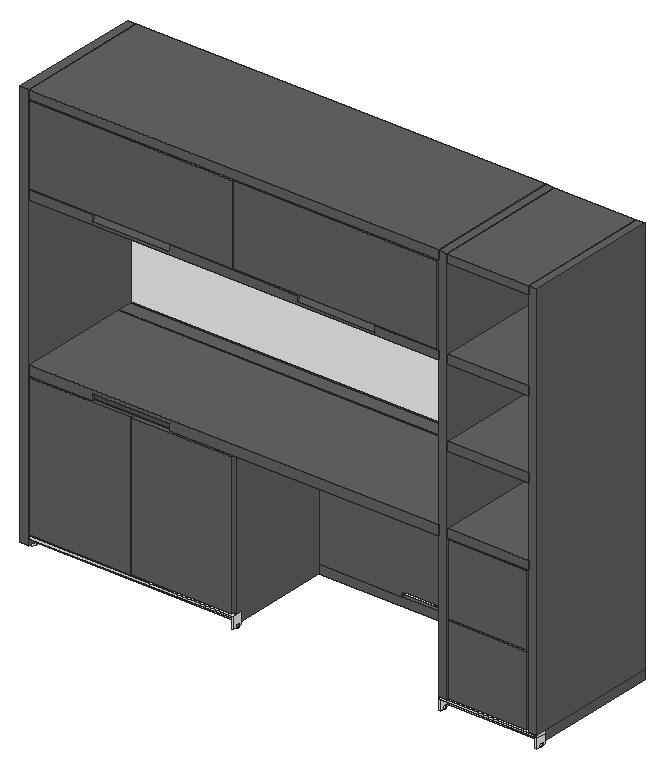
Revit family "Storage-Wall-Teknion-ZXRL_74_High_With_Lights-R2011", category Furniture Systems, Revit 2013
Parameters (values of type "(See Type Catalog)")
  Working Wall Finish [instance] = Glass - Teknion - K6 - White Backpainted
  Width = 92.642"
  Warranty = "http://www.teknionstudio.com/pdfs/Teknion%20Studio%20Warranty.pdf"
  Wall Unit Finish [instance] = Veneer - Teknion - P7 - Grey Oak
  Voltage = 120 V
  Unit Weight = 685.00 lbf
  URL = "www.teknionstudio.com"
  Tabletop Cutout Offset = if(Has Double Doors, 0", 4")  # 0"
  Storage Tower = Storage-Unit-Teknion-Tower : Upper Shelves & File/File Pedestal
  Series = "B&B Italia"
  Product Page URL = "http://www.teknionstudio.com/acexecutive/"
  Product Line = "AC Executive"
  Product Documentation Link = "http://www.teknionstudio.com/pricing/ac_executive_storage_walls_ppg.pdf"
  Power Factor = 1
  Part Number = "ZXRL"
  Number of Poles = 1
  Model = ""
  Manufacturer Phone = "919-464-2920"
  Manufacturer Fax = "919-464-2927"
  Manufacturer Email = "customersupport@teknionstudio.com"
  Manufacturer Address = "3940 US 70 Business HWY West, Clayton, NC 27520"
  Manufacturer = "Teknion Studio"  # constant formula
  Low Emitting Material = yes
  Low Emitting Finish = yes
  Height = 73.81394"
  Has File File Drawers = not(Has Double Doors)  # no
  Has Double Doors = yes
  Description = ""
  Depth = 24"
  Assembly Code = "E2020200"
  Apparent Load = 22.8 VA
Reference planes (in)
  plane 1 "Center F/B": y = 0
  plane 2: z = 0
  plane 3 "Center L/R": x = 0
  plane 4 "Left": x = -46.321
  plane 5 "Right": x = 46.321
  plane 6 "Back": y = 12
  plane 7 "Front": y = -12
  plane 8 "Top": z = 73.81394
  plane 9: x = 28.60446
  plane 10: z = 29.68402
  plane 11: z = 56.1289
  plane 12: x = -44.7815
  plane 13: z = 2.1289
  plane 14: x = -8.08858
  plane 15 "Foot Centerline": y = -11.2126
  plane 16 "Tabletop Cutout": y = -12
  plane 17 "Foot Centerline Front": y = -10.22835
  plane 18 "Foot Centerline Back": y = 10.22835
  plane 19: y = -8.484
Forms (in)
  Sweep 1, solid, material "Veneer - Teknion - P7 - Grey Oak" <- "Wall Unit Finish"
    path origin (0, 0, 15.40683) x (-1, 0, 0) y (0, -1, 0)
      loop
        line (0, -12) -> (0, 12)
    profile origin (0, 0, 15.40683) x (1, 0, 0) y (0, 0, 1)
      loop
        line (-46.321, -14.81732) -> (-44.7815, -14.81732) -> (-44.7815, 58.4071) -> (-46.321, 58.4071) -> (-46.321, -14.81732)
  Sweep 2, solid, material "Metal - Teknion - C6 - Chrome"
    path origin (0, 0, 0) x (1, 0, 0) y (0, 0, 1)
      loop
        line (-44.7815, 2.1289) -> (-8.08858, 2.1289) -> (-8.08858, 0.05803)
    profile origin (-26.43504, 0, 2.1289) x (0, 0, 1) y (0, -1, 0)
      loop
        line (0, 12) -> (-0.394, 12) -> (-0.394, 10.4252) -> (0, 10.4252) -> (0, 12)
  Sweep 3, solid, material "Metal - Teknion - C6 - Chrome"
    path origin (0, 0, 0) x (1, 0, 0) y (0, 0, 1)
      loop
        line (-44.7815, 2.1289) -> (-8.08858, 2.1289)
    profile origin (-26.43504, 0, 2.1289) x (0, 0, 1) y (0, -1, 0)
      loop
        line (-0.394, 10.6222) -> (-1.5748, 10.6222) -> (-1.5748, 10.4252) -> (-0.394, 10.4252) -> (-0.394, 10.6222)
  Revolve 4, solid, material "Metal - Teknion - C6 - Chrome"
    sketch origin (0, -11.2126, 0) x (0, 0, -1) y (1, 0, 0)
      loop
        line (-0.4911, -8.28543) -> (-0.4911, -8.62008) -> (-0.45173, -8.65945) -> (-0.28492, -8.65945) -> (-0.24555, -8.62008) -> (-0.20618, -8.65945) -> (-0.03937, -8.65945) -> (0, -8.62008) -> (0, -8.28543) -> (-0.4911, -8.28543)
      axis (0, -8.28543) -> (-0.4911, -8.28543)
    angle from 0 to 360
  Sweep 5, solid, material "Veneer - Teknion - P7 - Grey Oak" <- "Wall Unit Finish"
    path origin (0, 0, 0) x (1, 0, 0) y (0, 0, 1)
      loop
        line (-44.7815, 29.68402) -> (28.60446, 29.68402)
    profile origin (-8.08852, 0, 29.68402) x (0, 0, 1) y (0, -1, 0)
      loop
        line (0, 12) -> (-1.7638, 12) -> (-1.7638, -7.11393) -> (-5.30827, -7.11393) -> (-5.30827, -7.08268) -> (-27.55512, -7.08268) -> (-27.55512, -7.11393) -> (-29.0945, -7.11393) -> (-29.0945, -7.80668) -> (-5.30828, -7.80668) -> (-5.30828, -12) -> (44.12992, -12) -> (44.12992, 12) -> (42.59022, 12) -> (42.59022, 11.2126) -> (27.98392, 11.2126) -> (27.98392, 12) -> (26.44488, 12) -> (26.44488, -10.94094) -> (0, -10.94094) -> (0, -10.90969) -> (-0.72441, -10.90969) -> (-0.72441, -10.56693) -> (0, -10.56693) -> (0, -8.05709) -> (-0.72441, -8.05709) -> (-0.72441, -7.80709) -> (0, -7.80709) -> (0, 12)
  Sweep 6, solid, material "Veneer - Teknion - P7 - Grey Oak" <- "Wall Unit Finish"
    path origin (0, 0, 0) x (1, 0, 0) y (0, 0, 1)
      loop
        line (-44.7815, 29.68402) -> (-8.08858, 29.68402)
    profile origin (-26.43504, 0, 29.68402) x (0, 0, 1) y (0, -1, 0)
      loop
        line (-1.7638, 11.27559) -> (-27.55512, 11.27559) -> (-27.55512, 10.4252) -> (-29.0945, 10.4252) -> (-29.0945, -12) -> (-1.7638, -12) -> (-1.7638, 11.27559)
  Sweep 7, solid, material "Veneer - Teknion - P7 - Grey Oak" <- "Wall Unit Finish"
    path origin (0, 0, 15.40683) x (-1, 0, 0) y (0, -1, 0)
      loop
        line (0, 12) -> (0, 11.276)
    profile origin (0, -11.638, 15.40683) x (-1, 0, 0) y (0, 0, 1)
      loop
        line (44.5315, 42.5111) -> (44.5315, 56.6174) -> (8.21358, 56.6174) -> (8.21358, 42.5111) -> (44.5315, 42.5111)
      loop
        line (7.96358, 56.6174) -> (-28.35446, 56.6174) -> (-28.35446, 42.5111) -> (7.96358, 42.5111) -> (7.96358, 56.6174)
  Sweep 8, solid, material "Veneer - Teknion - P7 - Grey Oak" <- "Wall Unit Finish", visible <- "Has Double Doors"
    path origin (0, 0, 15.40683) x (-1, 0, 0) y (0, -1, 0)
      loop
        line (0, 12) -> (0, 11.276)
    profile origin (0, -11.638, 15.40683) x (-1, 0, 0) y (0, 0, 1)
      loop
        line (44.5315, 12.26339) -> (26.54031, 12.26339) -> (26.54031, -13.03482) -> (44.5315, -13.03482) -> (44.5315, 12.26339)
      loop
        line (26.29031, 12.26339) -> (8.33858, 12.26339) -> (8.33858, -13.03482) -> (26.29031, -13.03482) -> (26.29031, 12.26339)
  Sweep 9, solid, material "Veneer - Teknion - P7 - Grey Oak" <- "Wall Unit Finish", visible <- "Has File File Drawers"
    path origin (0, 0, 15.40683) x (-1, 0, 0) y (0, -1, 0)
      loop
        line (0, 12) -> (0, 11.276)
    profile origin (0, -11.638, 15.40683) x (-1, 0, 0) y (0, 0, 1)
      loop
        line (44.5315, 12.26339) -> (8.33858, 12.26339) -> (8.33858, 0.01144) -> (44.5315, 0.01144) -> (44.5315, 12.26339)
      loop
        line (8.33858, -0.77597) -> (8.33858, -13.03482) -> (44.5315, -13.03482) -> (44.5315, -0.77597) -> (8.33858, -0.77597)
  Sweep 10, void
    path origin (0, 0, 0) x (1, 0, 0) y (0, 0, 1)
      loop
        line (-33.30512, 29.68402) -> (-19.52559, 29.68402)
    profile origin (-26.41535, 0, 29.68402) x (0, 0, 1) y (0, -1, 0)
      loop
        line (-1.7638, 12) -> (-1.7638, 11.52756) -> (-0.66143, 12) -> (-1.7638, 12)
  Sweep 11, void
    path origin (0, 0, 0) x (1, 0, 0) y (0, 0, 1)
      loop
        line (-33.3248, 56.1289) -> (-19.54528, 56.1289)
    profile origin (-26.43504, 0, 56.1289) x (0, 0, 1) y (0, -1, 0)
      loop
        line (1.53937, 12) -> (0.43699, 12) -> (1.53937, 11.52755) -> (1.53937, 12)
  Sweep 12, void
    path origin (0, 0, 0) x (1, 0, 0) y (0, 0, 1)
      loop
        line (3.36811, 56.1289) -> (17.14764, 56.1289)
    profile origin (10.25787, 0, 56.1289) x (0, 0, 1) y (0, -1, 0)
      loop
        line (1.53937, 11.52755) -> (1.53937, 12) -> (0.43699, 12) -> (1.53937, 11.52755)
  Sweep 13, void
    path origin (0, 0, 15.40683) x (-1, 0, 0) y (0, -1, 0)
      loop
        line (0, -7.80668) -> (0, -7.08268)
    profile origin (0, 7.44468, 15.40683) x (1, 0, 0) y (0, 0, 1)
      loop
        line (13.68307, 8.96892) -> (6.79331, 8.96892) -> (6.79331, 8.10396)
        arc (6.79331, 8.10396) -> (7.02393, 7.54718) -> (7.58071, 7.31655) r 0.7874
        line (7.58071, 7.31655) -> (12.89567, 7.31655)
        arc (12.89567, 7.31655) -> (13.45245, 7.54718) -> (13.68307, 8.10396) r 0.7874
        line (13.68307, 8.10396) -> (13.68307, 8.96892)
      loop
        line (6.79331, -13.27793) -> (13.68307, -13.27793) -> (13.68307, -13.12045)
        arc (13.68307, -13.12045) -> (13.46398, -12.59152) -> (12.93504, -12.37242) r 0.74803
        line (12.93504, -12.37242) -> (7.54134, -12.37242)
        arc (7.54134, -12.37242) -> (7.0124, -12.59152) -> (6.79331, -13.12045) r 0.74803
        line (6.79331, -13.12045) -> (6.79331, -13.27793)
  Revolve 14, solid, material "Metal - Teknion - C6 - Chrome"
    sketch origin (0, -10.22835, 0) x (0, 0, 1) y (1, 0, 0)
      loop
        line (0, -45.55118) -> (0, -46.28917) -> (0.23622, -46.28917) -> (0.23622, -45.83352) -> (0.58951, -45.83352) -> (0.58951, -45.55118) -> (0, -45.55118)
      axis (0, -45.55118) -> (0.58951, -45.55118)
    angle from 0 to 360
  Revolve 15, solid, material "Metal - Teknion - C6 - Chrome"
    sketch origin (0, 10.22835, 0) x (0, 0, 1) y (1, 0, 0)
      loop
        line (0, -45.55118) -> (0, -46.28917) -> (0.23622, -46.28917) -> (0.23622, -45.83352) -> (0.58951, -45.83352) -> (0.58951, -45.55118) -> (0, -45.55118)
      axis (0, -45.55118) -> (0.58951, -45.55118)
    angle from 0 to 360
Cuts and joins
  joined: Sweep 2, Sweep 3, Revolve 4
  Sweep 10, Sweep 11, Sweep 12, Sweep 13 cuts Sweep 5
  joined: Sweep 5, Sweep 6
Lines and regions (in)
  Masking region 1
    outline origin (0, 0, 15.40683) x (-1, 0, 0) y (0, -1, 0)
      loop
        line (46.321, -12) -> (46.321, 12) -> (-28.60446, 12) -> (-28.60446, -12) -> (46.321, -12)
  symbolic lines, style "Elevation Swing"
    curve 1: line (-44.7815, -12, 57.66827) -> (-26.43504, -12, 72.02424)
    curve 2: line (-8.08858, -12, 57.66832) -> (-26.43504, -12, 72.02424)
    curve 3: line (-8.08858, 0, 57.66832) -> (10.25794, 0, 72.19583)
    curve 4: line (10.25794, 0, 72.19583) -> (28.60446, 0, 57.66827)
  symbolic lines, style "Elevation Swing", visible <- "Has Double Doors"
    curve 5: line (-26.41531, 0, 27.86906) -> (-44.7815, 0, 15.02456)
    curve 6: line (-44.7815, 0, 15.02456) -> (-26.41531, 0, 2.21953)
    curve 7: line (-26.41531, 0, 2.21953) -> (-8.08858, 0, 15.02456)
    curve 8: line (-8.08858, 0, 15.02456) -> (-26.41531, 0, 27.86906)
  symbolic lines, detail levels medium+fine
    curve 9: line (-44.7815, 12, 15.40683) -> (-44.7815, -12, 15.40683)
  symbolic lines, style "FurnitureSystemsHiddenLines", detail levels fine
    curve 10: line (28.60446, -11.276, 15.40683) -> (-44.7815, -11.276, 15.40683)
    curve 15: line (-8.08858, 12, 15.40683) -> (-8.08858, -12, 15.40683)
  symbolic lines, visible <- "Has Double Doors"
    curve 11: arc (-26.43504, -12, 15.40683) -> (-21.06149, -24.9729, 15.40683) -> (-8.08858, -30.34646, 15.40683) r 18.34646
    curve 12: line (-44.7815, -12, 15.40683) -> (-44.7815, -30.34646, 15.40683)
    curve 13: line (-8.08858, -12, 15.40683) -> (-8.08858, -30.34646, 15.40683)
    curve 14: arc (-44.7815, -30.34646, 15.40683) -> (-31.80859, -24.9729, 15.40683) -> (-26.43504, -12, 15.40683) r 18.34646
Dimensions and locks (in)
  equal spacing: plane 4 "Left", plane 3 "Center L/R", plane 5 "Right"
  "Width": plane 4 "Left" to plane 5 "Right"
  equal spacing: plane 6 "Back", plane 1 "Center F/B", plane 7 "Front"
  "Depth": plane 6 "Back" to plane 7 "Front"
  locked: plane 9 to plane 5 "Right" at 17.71654
  "Height": plane 8 "Top" to plane 2
  locked: plane 10 to plane 2 at 29.68402
  locked: plane 11 to plane 10 at 26.44488
  locked: plane 13 to plane 2 at 2.1289
  locked: Sweep 2 sketch curve to plane 2 at 0.05803
  locked: plane 13 to Sweep 3 sketch curve at 0.394
  locked: Sweep 3 sketch curve to Sweep 3 sketch curve at 1.1808
  plane 7 "Front" to Sweep 3 sketch curve to Sweep 3 sketch curve = 1.3778" locked, 0.197" locked
  locked: Revolve 4 sketch curve to plane 2 at 0.4911
  locked: plane 14 to Revolve 4 sketch curve at 0.57087  (x2)
  Revolve 4 sketch curve to Revolve 4 sketch curve to Revolve 4 sketch curve to Revolve 4 sketch curve to Revolve 4 sketch curve to plane 2 = 0.16681" locked, 0.03937" locked, 0.03937" locked, 0.16681" locked, 0.03937" locked
  locked: plane 14 to Revolve 4 sketch curve at 0.19685
  locked: plane 7 "Front" to plane 15 "Foot Centerline" at 0.7874
  locked: plane 13 to Sweep 5 sketch curve at 1.53939
  locked: plane 10 to Sweep 5 sketch curve at 1.7638
  locked: Sweep 1 sketch curve to plane 2 at 0.58951
  Sweep 6 sketch curve to Sweep 6 sketch curve to plane 6 "Back" = 23.27559", 0"
  locked: plane 10 to Sweep 6 sketch curve at 1.7638
  locked: plane 7 "Front" to Sweep 6 sketch curve at 1.5748
  locked: plane 14 to plane 3 "Center L/R" at 8.08858
  locked: plane 7 "Front" to Sweep 7 sketch curve at 0.724
  plane 8 "Top" to Sweep 7 sketch curve to Sweep 7 sketch curve = 1.7897", 14.1063"  (x2)
  Sweep 7 sketch curve to plane 3 "Center L/R" to Sweep 7 sketch curve to Sweep 7 sketch curve to Sweep 7 sketch curve = 28.35446", 7.96358", 1/4", 36.31791"
  locked: plane 7 "Front" to Sweep 8 sketch curve at 0.724
  locked: plane 10 to Sweep 8 sketch curve at 2.0138  (x2)
  locked: Sweep 8 sketch curve to Sweep 8 sketch curve at 25.29821  (x2)
  Sweep 8 sketch curve to Sweep 8 sketch curve to Sweep 8 sketch curve to Sweep 8 sketch curve to plane 12 = 17.95173" locked, 1/4" locked, 17.99118" locked, 1/4" locked
  locked: plane 7 "Front" to Sweep 9 sketch curve at 0.724
  plane 10 to Sweep 9 sketch curve to Sweep 9 sketch curve to Sweep 9 sketch curve to Sweep 9 sketch curve = 2.0138" locked, 12.25195" locked, 0.7874" locked, 12.25886" locked
  plane 14 to Sweep 9 sketch curve to Sweep 9 sketch curve = 1/4" locked, 36.19291" locked  (x2)
  Sweep 10 sketch curve to Sweep 10 sketch curve to plane 4 "Left" = 13.77953" locked, 13.01588" locked
  locked: plane 10 to Sweep 10 sketch curve at 1.7638
  locked: plane 16 "Tabletop Cutout" to Sweep 10 sketch curve at 0.47244
  "Tabletop Cutout Offset": plane 16 "Tabletop Cutout" to plane 7 "Front"
  Sweep 11 sketch curve to Sweep 11 sketch curve to plane 4 "Left" = 13.77953" locked, 12.9962" locked
  locked: Sweep 11 sketch curve to plane 11 at 1.53937
  locked: Sweep 11 sketch curve to plane 11 at 0.43699
  locked: plane 7 "Front" to Sweep 11 sketch curve at 0.47245
  Sweep 12 sketch curve to Sweep 12 sketch curve to plane 11 = 1.10238" locked, 0.43699" locked
  locked: plane 7 "Front" to Sweep 12 sketch curve at 0.47245
  locked: Sweep 13 sketch curve to plane 13 at 0.90551
  Sweep 13 sketch curve to Sweep 13 sketch curve to plane 3 "Center L/R" = 6.88976" locked, 6.79331" locked  (x2)
  plane 10 to Sweep 13 sketch curve to Sweep 13 sketch curve = 5.30827" locked, 1 167/256" locked
  plane 6 "Back" to Sweep 13 sketch curve to Sweep 13 sketch curve = 4.19332" locked, 0.724" locked
  locked: Revolve 14 sketch curve to plane 4 "Left" at 0.76982
  Revolve 14 sketch curve to Revolve 14 sketch curve to plane 2 = 0.35329" locked, 0.23622" locked
  locked: Revolve 14 sketch curve to plane 4 "Left" at 0.03183
  locked: Revolve 15 sketch curve to plane 4 "Left" at 0.76982
  Revolve 15 sketch curve to Revolve 15 sketch curve to plane 2 = 0.35329" locked, 0.23622" locked
  locked: Revolve 15 sketch curve to plane 4 "Left" at 0.03183
  equal spacing: plane 14, curve 2, plane 12
  equal spacing: plane 9, curve 4, plane 14
  locked: plane 7 "Front" to curve 10 at 0.724
  locked: plane 6 "Back" to plane 18 "Foot Centerline Back" at 1.77165
  locked: plane 7 "Front" to plane 17 "Foot Centerline Front" at 1.77165
  locked: plane 4 "Left" to plane 12 at 1.5395
  equal spacing: plane 12, curve 14, plane 14
  locked: plane 7 "Front" to plane 19 at 3.516
  aligned and locked: level to plane 2
  aligned and locked: nested 1 to plane 5 "Right"
  aligned and locked: plane 6 "Back" to Sweep 1 sketch curve
  aligned and locked: plane 7 "Front" to Sweep 1 sketch curve
  aligned and locked: Sweep 1 sketch curve to plane 3 "Center L/R"
  aligned and locked: Sweep 1 sketch curve to plane 8 "Top"
  aligned and locked: plane 4 "Left" to Sweep 1 sketch curve  (x2)
  aligned and locked: plane 12 to Sweep 2 sketch curve
  aligned and locked: Sweep 2 sketch curve to plane 13  (x2)
  aligned and locked: Sweep 2 sketch curve to plane 7 "Front"
  aligned and locked: plane 12 to Sweep 3 sketch curve
  aligned and locked: plane 14 to Sweep 3 sketch curve
  aligned and locked: Sweep 3 sketch curve to plane 13
  aligned and locked: plane 2 to Revolve 4 sketch curve
  aligned and locked: Revolve 4 sketch curve to plane 2
  aligned and locked: plane 12 to Sweep 5 sketch curve
  aligned and locked: plane 9 to Sweep 5 sketch curve
  aligned and locked: Sweep 5 sketch curve to plane 10  (x4)
  aligned and locked: Sweep 5 sketch curve to plane 7 "Front"
  aligned and locked: plane 6 "Back" to Sweep 5 sketch curve
  aligned and locked: plane 14 to Sweep 6 sketch curve
  aligned and locked: plane 12 to Sweep 6 sketch curve
  aligned and locked: Sweep 6 sketch curve to plane 10
  aligned and locked: plane 13 to Sweep 6 sketch curve
  aligned and locked: plane 3 "Center L/R" to Sweep 7 sketch curve
  aligned and locked: plane 7 "Front" to Sweep 7 sketch curve
  aligned and locked: Sweep 5 sketch curve to plane 11
  aligned and locked: plane 3 "Center L/R" to Sweep 8 sketch curve
  aligned and locked: plane 7 "Front" to Sweep 8 sketch curve
  aligned and locked: plane 7 "Front" to Sweep 9 sketch curve
  aligned and locked: plane 3 "Center L/R" to Sweep 9 sketch curve
  aligned and locked: Sweep 10 sketch curve to plane 10
  aligned and locked: plane 16 "Tabletop Cutout" to Sweep 10 sketch curve
  aligned and locked: Sweep 11 sketch curve to plane 11
  aligned and locked: Sweep 12 sketch curve to plane 11
  aligned and locked: Sweep 12 sketch curve to plane 7 "Front"
  aligned and locked: Sweep 13 sketch curve to plane 3 "Center L/R"
  aligned and locked: Sweep 13 sketch curve to plane 13
  aligned and locked: plane 2 to Revolve 14 sketch curve
  aligned and locked: Revolve 15 sketch curve to plane 2
  aligned and locked: plane 12 to curve 1
  aligned and locked: plane 14 to curve 2
  aligned and locked: Sweep 7 to curve 2
  aligned and locked: plane 9 to curve 4
  aligned and locked: plane 14 to curve 3
  aligned and locked: Masking region 1 sketch curve to plane 6 "Back"
  aligned and locked: plane 4 "Left" to Masking region 1 sketch curve
  aligned and locked: Masking region 1 sketch curve to plane 7 "Front"
  aligned and locked: Masking region 1 sketch curve to nested 1
  aligned and locked: plane 6 "Back" to curve 9
  aligned and locked: plane 7 "Front" to curve 9
  aligned and locked: curve 9 to plane 12
  aligned and locked: plane 9 to curve 10
  aligned and locked: curve 12 to plane 12
  aligned and locked: curve 13 to plane 14
  aligned and locked: plane 6 "Back" to curve 15
  aligned and locked: plane 7 "Front" to curve 15
  aligned and locked: curve 15 to plane 14
  aligned and locked: plane 7 "Front" to Sweep 11 sketch curve
  aligned and locked: Sweep 5 sketch curve to plane 8 "Top"
  aligned and locked: plane 15 "Foot Centerline" to Sweep 5 sketch curve
  aligned and locked: plane 7 "Front" to Sweep 5 sketch curve  (x2)
  aligned and locked: plane 2 to nested 1
  aligned and locked: plane 1 "Center F/B" to nested 1
  aligned and locked: plane 7 "Front" to curve 14
  aligned: plane 11 to nested 2
  aligned: plane 14 to nested 2
  aligned and locked: nested 2 to plane 19
  aligned and locked: plane 11 to nested 2
  aligned and locked: plane 14 to nested 2
Automatic sketch dimensions
  Sweep 1 sketch curve to Sweep 1 sketch curve = 1.5395"
  Sweep 2 sketch curve to plane 3 "Center L/R" = 8.08858"
  Sweep 2 sketch curve to Sweep 2 sketch curve = 1.5748"
  Revolve 4 sketch curve to Revolve 4 sketch curve = 0"  (x2)
  Revolve 4 sketch curve to Revolve 4 sketch curve = 0.03937"  (x2)
  Sweep 6 sketch curve to Sweep 6 sketch curve = 1.53939"
  profile plane to Sweep 10 sketch curve = 0.66143"
  plane 3 "Center L/R" to Sweep 12 sketch curve = 3.36811"
  Sweep 12 sketch curve to plane 9 = 11.45683"
  Sweep 13 sketch curve to Sweep 13 sketch curve = 0.7874"  (x2)
  Sweep 13 sketch curve to Sweep 13 sketch curve = 0.15748"  (x2)
  Revolve 14 sketch curve to level = 0"
  Revolve 14 sketch curve to Revolve 14 sketch curve = 0"  (x2)
  Revolve 14 sketch curve to Revolve 14 sketch curve = 0.28234"
  Revolve 15 sketch curve to level = 0"
  Revolve 15 sketch curve to Revolve 15 sketch curve = 0"  (x2)
  Revolve 15 sketch curve to Revolve 15 sketch curve = 0.28234"
  plane 11 to curve 2 = 1.53942"
  plane 11 to curve 1 = 1.53937"
  curve 5 to plane 12 = 0"
  curve 7 to plane 14 = 0"
  plane 12 to curve 5 = 18.36618"
  plane 13 to curve 6 = 0.09063"
  curve 6 to plane 14 = 18.32673"
  curve 8 to plane 10 = 1.81496"
  plane 13 to curve 7 = 12.89566"
  plane 13 to curve 5 = 12.89566"
  plane 11 to curve 4 = 1.53937"
  plane 11 to curve 3 = 1.53942"
  curve 3 to plane 8 "Top" = 1.61811"
  curve 14 to curve 11 = 0"
  Sweep 2 sketch curve to Sweep 2 sketch curve = 0.394"
  Sweep 5 sketch curve to Sweep 5 sketch curve = 1.53939"
  profile plane to Sweep 5 sketch curve = 5.30828"
  Sweep 5 sketch curve to Sweep 5 sketch curve = 0"
  Sweep 5 sketch curve to Sweep 5 sketch curve = 0.72441"  (x2)
  Sweep 5 sketch curve to Sweep 5 sketch curve = 1.5397"
  Sweep 5 sketch curve to Sweep 5 sketch curve = 1.05906"
  Sweep 5 sketch curve to Sweep 5 sketch curve = 1/32"  (x2)
  Sweep 5 sketch curve to Sweep 5 sketch curve = 0.34277"
  Sweep 5 sketch curve to Sweep 5 sketch curve = 2.50984"
  Sweep 5 sketch curve to Sweep 5 sketch curve = 1/4"
  Sweep 5 sketch curve to plane 1 "Center F/B" = 7.80668"
  Sweep 5 sketch curve to Sweep 5 sketch curve = 0.69316"
  Sweep 5 sketch curve to Sweep 5 sketch curve = 0.69275"
  Sweep 5 sketch curve to Sweep 5 sketch curve = 1.53904"
Nested families (in)
  nested 1: "Storage-Unit-Teknion-Tower" at (37.46273, 0, 0), type <- "Storage Tower", Height <- "Height", type "Upper Shelves & File/File Pedestal"
    with Height 73.81394", Has Top Shelf no, Bottom Drawer Height 13.047"
  nested 2: "Lighting-Teknion-Storage_Wall" at (-8.08858, 0.12401, 56.1289), type "Lighting-Teknion-Storage_Wall"
Connectors (in)
  electrical at (-8.08854, 12, 32.92639), driven by "Number of Poles", driven by "Voltage", driven by "Apparent Load", driven by "Power Factor"
    settings: on cut or joined group of Sweep 5, Sweep 6, Sweep 10, Sweep 11, Sweep 12, Sweep 13, index 1, voltage 120 V, apparent load 0 VA, apparent load phase1 22.8 VA, apparent load phase2 0 VA, apparent load phase3 0 VA, power factor 1, load classification "Other", number of poles 1, system type 31, power factor state 1, is connector primary yes, connector utility no, sub classification motor no, connector description "Electrical Connector"
Definition of nested family "Storage-Unit-Teknion-Tower"
  Parameters (values of type "Upper Wardrobe & Lower Door")
    Width = 17.71654"
    Warranty = "http://www.teknionstudio.com/pdfs/Teknion%20Studio%20Warranty.pdf"
    Wall Unit Finish = Veneer - Teknion - P8 - Light Brushed Oak
    URL = "www.teknionstudio.com"
    Series = "B&B Italia"
    Product Line = "AC Executive"
    Model = ""
    Middle Drawer Height = if(Has Top Drawer, 6.425", 12.719")  # 12.719"
    Manufacturer Phone = "919-464-2920"
    Manufacturer Fax = "919-464-2927"
    Manufacturer Email = "customersupport@teknionstudio.com"
    Manufacturer Address = "3940 US 70 Business HWY West, Clayton, NC 27520"
    Manufacturer = "Teknion Studio"  # constant formula
    Height [instance] = 73.81394"
    Has Top Shelf [instance] = and(Height > 75", Has Shelves)  # no
    Has Top Drawer = no
    Has Top Door = yes
    Has Shelves = no
    Has Right Leg = yes
    Has Middle Drawer = no
    Has Lower Shelf = yes
    Has Left Leg = yes
    Has Full Wardrobe Door = no
    Has Doors = yes
    Door Projection Symbol = yes
    Description = "Tower Storage Unit"
    Depth = 24"
    Bottom Drawer Height [instance] = if(Has Middle Drawer, 13.047", if(Has Top Drawer, 13.047", if(Has Full Wardrobe Door, (Height - 3.668"), 26.016")))  # 26.016"
    Assembly Code = "E2010200"
  Types (7): name | Wall Unit Finish | Series | Product Line | Middle Drawer Height | Has Top Drawer | Has Top Door | Has Shelves | Has Middle Drawer | Has Lower Shelf | Has Full Wardrobe Door | Has Doors | Door Projection Symbol | Bottom Drawer Height
    Upper Shelves & Lower Door | none | "AC Executive" | "" | 12.719" | no | no | yes | no | yes | no | yes | yes | 26.016"
    Upper Shelves & File/File Pedestal | none | "AC Executive" | "" | 12.719" | no | no | yes | yes | yes | no | no | no | 13.047"
    Upper Shelves & Box/Box/File Pedestal | Veneer - Teknion - P8 - Light Brushed Oak | "AC Executive" | "" | 6.425" | yes | no | yes | yes | yes | yes | no | no | 13.047"
    Full Wardrobe | none | "AC Executive" | "" | 12.719" | no | no | no | no | no | yes | yes | yes | 70.14594"
    Upper Wardrobe & Lower Door | Veneer - Teknion - P8 - Light Brushed Oak | "B&B Italia" | "AC Executive" | 12.719" | no | yes | no | no | yes | no | yes | yes | 26.016"
    Upper Wardrobe & File/File Pedestal | none | "AC Executive" | "" | 12.719" | no | yes | no | yes | yes | no | no | yes | 13.047"
    Upper Wardrobe & Box/Box/File Pedestal | none | "AC Executive" | "" | 6.425" | yes | yes | no | yes | yes | no | no | yes | 13.047"
  Reference planes (in)
    plane 1 "Center F/B": y = 0
    plane 2: z = 0
    plane 3 "Center L/R": x = 0
    plane 4 "Left": x = -8.85827
    plane 5 "Right": x = 8.85827
    plane 6 "Back": y = 12
    plane 7 "Front": y = -12
    plane 8 "Top": z = 73.81394
    plane 9: x = -7.3189
    plane 10: x = 7.3189
    plane 11: z = 2.1289
    plane 12 "Foot Centerline": y = -11.2126
    plane 13: z = 29.68402
    plane 14 "Drawer 1 Top": z = 28.1449
    plane 15 "Drawer 2 Top": z = 40.8639
    plane 16 "Drawer 3 Top": z = 27.89502
    plane 17: z = 42.13677
  Forms (in)
    Sweep 1, solid, material "Metal - Teknion - C6 - Chrome", visible <- "Has Left Leg"
      path origin (0, -12, 0) x (1, 0, 0) y (0, 0, 1)
        loop
          line (-8.85827, 1.7349) -> (-8.85827, 0.05803)
      profile origin (-8.85827, -12, 0.89646) x (0, -1, 0) y (1, 0, 0)
        loop
          line (-1.5748, 0) -> (0, 0) -> (0, 0.394) -> (-1.5748, 0.394) -> (-1.5748, 0)
    Sweep 2, solid, material "Metal - Teknion - C6 - Chrome"
      path origin (0, -12, 0) x (1, 0, 0) y (0, 0, 1)
        loop
          line (-8.46427, 2.1289) -> (8.46427, 2.1289)
      profile origin (0, -12, 2.1289) x (0, 0, 1) y (0, -1, 0)
        loop
          line (-0.394, -1.5748) -> (-0.394, -1.3778) -> (-1.575, -1.3778) -> (-1.575, -1.5748) -> (-0.394, -1.5748)
    Revolve 3, solid, material "Metal - Teknion - C6 - Chrome"
      sketch origin (0, -11.2126, 0) x (0, 0, -1) y (1, 0, 0)
        loop
          line (-0.4911, 8.32677) -> (-0.45173, 8.2874) -> (-0.28492, 8.2874) -> (-0.24555, 8.32677) -> (-0.20618, 8.2874) -> (-0.03937, 8.2874) -> (0, 8.32677) -> (0, 8.66142) -> (-0.4911, 8.66142) -> (-0.4911, 8.32677)
        axis (0, 8.66142) -> (-0.4911, 8.66142)
      angle from 0 to 360
    Revolve 4, solid, material "Metal - Teknion - C6 - Chrome", visible <- "Has Left Leg"
      sketch origin (0, -11.2126, 0) x (0, 0, -1) y (1, 0, 0)
        loop
          line (0, -8.99606) -> (0, -8.66142) -> (-0.4911, -8.66142) -> (-0.4911, -8.99606) -> (-0.45173, -9.03543) -> (-0.28492, -9.03543) -> (-0.24555, -8.99606) -> (-0.20618, -9.03543) -> (-0.03937, -9.03543) -> (0, -8.99606)
        axis (0, -8.66142) -> (-0.4911, -8.66142)
      angle from 0 to 360
    Sweep 5, solid, material "Veneer - Teknion - P8 - Light Brushed Oak" <- "Wall Unit Finish"
      path origin (0, 0, 0) x (1, 0, 0) y (0, 0, 1)
        loop
          line (0, 2.1289) -> (0, 73.81394)
      profile origin (0, 0, 37.97142) x (-1, 0, 0) y (0, -1, 0)
        loop
          line (8.85827, -12) -> (8.85827, 12) -> (7.3189, 12) -> (7.3189, -12) -> (8.85827, -12)
        loop
          line (-7.3189, 12) -> (-8.85827, 12) -> (-8.85827, -12) -> (-7.3189, -12) -> (-7.3189, 12)
    Sweep 6, solid, material "Veneer - Teknion - P8 - Light Brushed Oak" <- "Wall Unit Finish"
      path origin (0, 0, 15.40683) x (-1, 0, 0) y (0, -1, 0)
        loop
          line (0, -12) -> (0, 12)
      profile origin (0, 0, 15.40683) x (1, 0, 0) y (0, 0, 1)
        loop
          line (-7.3189, 58.4071) -> (-7.3189, 56.86773) -> (7.3189, 56.86773) -> (7.3189, 58.4071) -> (-7.3189, 58.4071)
    Sweep 7, solid, material "Veneer - Teknion - P8 - Light Brushed Oak" <- "Wall Unit Finish"
      path origin (0, -12, 0) x (1, 0, 0) y (0, 0, 1)
        loop
          line (0, 2.1289) -> (0, 72.27457)
      profile origin (0, -12, 37.20173) x (-1, 0, 0) y (0, -1, 0)
        loop
          line (7.3189, -24) -> (7.3189, -23.25) -> (-7.3189, -23.25) -> (-7.3189, -24) -> (7.3189, -24)
    Sweep 8, solid, material "Veneer - Teknion - P8 - Light Brushed Oak" <- "Wall Unit Finish", visible <- "Has Lower Shelf"
      path origin (0, -12, 0) x (1, 0, 0) y (0, 0, 1)
        loop
          line (-7.3189, 29.68402) -> (7.3189, 29.68402)
      profile origin (0, -12, 29.68402) x (0, 0, 1) y (0, -1, 0)
        loop
          line (0, 0) -> (-1.539, 0) -> (-1.539, -0.724) -> (-27.55512, -0.724) -> (-27.55512, -23.25) -> (0, -23.25) -> (0, 0)
    Sweep 9, solid, material "Veneer - Teknion - P8 - Light Brushed Oak" <- "Wall Unit Finish"
      path origin (0, -12, 0) x (1, 0, 0) y (0, 0, 1)
        loop
          line (0, 2.3789) -> (0, 27.8949)
      profile origin (0, -12, 15.1369) x (-1, 0, 0) y (0, -1, 0)
        loop
          line (7.0689, -0.724) -> (7.0689, 0) -> (-7.0689, 0) -> (-7.0689, -0.724) -> (7.0689, -0.724)
    Sweep 10, solid, material "Veneer - Teknion - P8 - Light Brushed Oak" <- "Wall Unit Finish", visible <- "Has Middle Drawer"
      path origin (0, -12, 0) x (1, 0, 0) y (0, 0, 1)
        loop
          line (0, 28.1449) -> (0, 40.8639)
      profile origin (0, -12, 34.5044) x (-1, 0, 0) y (0, -1, 0)
        loop
          line (7.0689, -0.724) -> (7.0689, 0) -> (-7.0689, 0) -> (-7.0689, -0.724) -> (7.0689, -0.724)
    Sweep 11, solid, material "Veneer - Teknion - P8 - Light Brushed Oak" <- "Wall Unit Finish", visible <- "Has Top Drawer"
      path origin (0, -12, 0) x (1, 0, 0) y (0, 0, 1)
        loop
          line (0, 47.15802) -> (0, 41.1139)
      profile origin (0, -12, 44.13596) x (0, -1, 0) y (1, 0, 0)
        loop
          line (0, 7.0689) -> (-0.724, 7.0689) -> (-0.724, -7.0689) -> (0, -7.0689) -> (0, 7.0689)
    Sweep 12, solid, material "Veneer - Teknion - P8 - Light Brushed Oak" <- "Wall Unit Finish", visible <- "Has Shelves"
      path origin (0, -12, 0) x (1, 0, 0) y (0, 0, 1)
        loop
          line (0, 42.13677) -> (0, 43.67614)
      profile origin (0, -12, 42.90646) x (-1, 0, 0) y (0, -1, 0)
        loop
          line (7.3189, -23.25) -> (7.3189, 0) -> (-7.3189, 0) -> (-7.3189, -23.25) -> (7.3189, -23.25)
    Sweep 13, solid, material "Veneer - Teknion - P8 - Light Brushed Oak" <- "Wall Unit Finish", visible <- "Has Shelves"
      path origin (0, -12, 13.9918) x (1, 0, 0) y (0, 0, 1)
        loop
          line (0, 42.13677) -> (0, 43.67614)
      profile origin (0, -12, 56.89825) x (-1, 0, 0) y (0, -1, 0)
        loop
          line (7.3189, -23.25) -> (7.3189, 0) -> (-7.3189, 0) -> (-7.3189, -23.25) -> (7.3189, -23.25)
    Sweep 14, solid, material "Veneer - Teknion - P8 - Light Brushed Oak" <- "Wall Unit Finish", visible <- "Has Top Door"
      path origin (0, -12, 0) x (1, 0, 0) y (0, 0, 1)
        loop
          line (0, 29.93402) -> (0, 72.02457)
      profile origin (0, -12, 50.97929) x (-1, 0, 0) y (0, -1, 0)
        loop
          line (7.0689, -0.724) -> (7.0689, 0) -> (-7.0689, 0) -> (-7.0689, -0.724) -> (7.0689, -0.724)
    Sweep 15, solid, material "Veneer - Teknion - P8 - Light Brushed Oak" <- "Wall Unit Finish"
      path origin (0, -12, 0) x (1, 0, 0) y (0, 0, 1)
        loop
          line (-8.85827, 2.1289) -> (8.85827, 2.1289)
      profile origin (0, -12, 2.1289) x (0, 0, 1) y (0, -1, 0)
        loop
          line (0, -1.5748) -> (-1.53937, -1.5748) -> (-1.53937, -24) -> (0, -24) -> (0, -1.5748)
    Sweep 16, solid, material "Veneer - Teknion - P8 - Light Brushed Oak" <- "Wall Unit Finish", visible <- "Has Top Shelf"
      path origin (0, 0, 0) x (1, 0, 0) y (0, 0, 1)
        loop
          line (0, 73.81394) -> (0, 72.27457)
      profile origin (0, 0, 73.04425) x (0, -1, 0) y (1, 0, 0)
        loop
          line (-11.25, -7.3189) -> (12, -7.3189) -> (12, 7.3189) -> (-11.25, 7.3189) -> (-11.25, -7.3189)
    Sweep 17, solid, material "Metal - Teknion - C6 - Chrome"
      path origin (0, 0, 0) x (1, 0, 0) y (0, 0, 1)
        loop
          line (-8.85827, 2.1289) -> (8.85827, 2.1289)
      profile origin (0, 0, 2.1289) x (0, 0, 1) y (0, -1, 0)
        loop
          line (0, 10.4252) -> (0, 12) -> (-0.394, 12) -> (-0.394, 10.4252) -> (0, 10.4252)
    Sweep 18, solid, material "Metal - Teknion - C6 - Chrome"
      path origin (0, 0, 0) x (1, 0, 0) y (0, 0, 1)
        loop
          line (8.85827, 1.7349) -> (8.85827, 0.05803)
      profile origin (8.85827, 0, 0.89646) x (0, -1, 0) y (1, 0, 0)
        loop
          line (10.4252, -0.394) -> (12, -0.394) -> (12, 0) -> (10.4252, 0) -> (10.4252, -0.394)
  Lines and regions (in)
    Masking region 1
      outline origin (0, 0, 15.40683) x (-1, 0, 0) y (0, -1, 0)
        loop
          line (8.85827, -12) -> (8.85827, 12) -> (-8.85827, 12) -> (-8.85827, -12) -> (8.85827, -12)
    symbolic lines, style "FurnitureSystems", detail levels medium+fine
      curve 1: line (-7.3189, 12, 15.40683) -> (-7.3189, -12, 15.40683)
      curve 2: line (7.3189, 12, 15.40683) -> (7.3189, -12, 15.40683)
    symbolic lines, style "FurnitureSystemsHiddenLines", detail levels fine
      curve 3: line (-7.3189, -11.276, 15.40683) -> (7.3189, -11.276, 15.40683)
    symbolic lines, style "Elevation Swing", visible <- "Has Doors"
      curve 4: line (-7.3189, -12, 2.1289) -> (7.3189, -12, 15.1369)
      curve 5: line (7.3189, -12, 15.1369) -> (-7.3189, -12, 28.1449)
    symbolic lines, style "Elevation Swing", visible <- "Has Top Door"
      curve 6: line (-7.3189, -12, 29.68402) -> (7.3189, -12, 50.97929)
      curve 7: line (7.3189, -12, 50.97929) -> (-7.3189, -12, 72.27457)
    symbolic lines, style "FurnitureSystems", visible <- "Door Projection Symbol"
      curve 8: arc (-7.3189, -12, 0) -> (-3.03159, -22.35048, 0) -> (7.3189, -26.6378, 0) r 14.6378
    symbolic lines, visible <- "Door Projection Symbol"
      curve 9: line (7.3189, -12, 15.40683) -> (7.3189, -26.6378, 15.40683)
  Dimensions and locks (in)
    equal spacing: plane 4 "Left", plane 3 "Center L/R", plane 5 "Right"
    "Width": plane 4 "Left" to plane 5 "Right"
    equal spacing: plane 6 "Back", plane 1 "Center F/B", plane 7 "Front"
    "Depth": plane 6 "Back" to plane 7 "Front"
    locked: plane 4 "Left" to plane 9 at 1.53937
    locked: plane 10 to plane 5 "Right" at 1.53937
    "Height": plane 8 "Top" to level
    locked: Sweep 1 sketch curve to level at 0.05803
    locked: plane 11 to plane 2 at 2.1289
    plane 11 to Sweep 2 sketch curve to Sweep 2 sketch curve = 0.394" locked, 1.181" locked
    plane 7 "Front" to Sweep 2 sketch curve to Sweep 2 sketch curve = 1.3778" locked, 0.197" locked
    locked: Revolve 3 sketch curve to plane 2 at 0.4911  (x2)
    locked: plane 5 "Right" to Revolve 3 sketch curve at 0.57087
    locked: plane 7 "Front" to plane 12 "Foot Centerline" at 0.7874
    Revolve 3 sketch curve to Revolve 3 sketch curve to Revolve 3 sketch curve to Revolve 3 sketch curve to plane 2 = 0.16681" locked, 0.07874" locked, 0.16681" locked, 0.03937" locked
    locked: Revolve 4 sketch curve to plane 2 at 0.4911  (x2)
    locked: Revolve 4 sketch curve to Revolve 4 sketch curve at 0.37402
    Revolve 4 sketch curve to Revolve 4 sketch curve to Revolve 4 sketch curve to Revolve 4 sketch curve to plane 2 = 0.16681" locked, 0.07874" locked, 0.16681" locked, 0.03937" locked
    locked: Revolve 4 sketch curve to plane 4 "Left" at 0.19685
    locked: plane 8 "Top" to Sweep 6 sketch curve at 1.53937
    locked: plane 8 "Top" to Sweep 7 sketch curve at 1.53937
    locked: plane 6 "Back" to Sweep 7 sketch curve at 0.75
    locked: plane 13 to plane 2 at 29.68402
    locked: plane 7 "Front" to Sweep 8 sketch curve at 0.724
    locked: plane 13 to Sweep 8 sketch curve at 1.539
    locked: plane 13 to plane 16 "Drawer 3 Top" at 1.789
    "Bottom Drawer Height": plane 14 "Drawer 1 Top" to plane 11
    "Middle Drawer Height": plane 15 "Drawer 2 Top" to plane 14 "Drawer 1 Top"
    locked: plane 14 "Drawer 1 Top" to Sweep 9 sketch curve at 0.25
    locked: plane 7 "Front" to Sweep 9 sketch curve at 0.724
    locked: Sweep 10 sketch curve to plane 12 "Foot Centerline" at 0.0634
    locked: plane 7 "Front" to Sweep 11 sketch curve at 0.724
    locked: plane 17 to plane 13 at 12.45276
    group 1 to group 2 = 0"  (x2)
    group 1 to group 2 = 13.9918"
    locked: Sweep 13 to plane 17 at 13.9918
    locked: plane 8 "Top" to Sweep 14 sketch curve at 1.78937
    locked: Sweep 14 sketch curve to plane 13 at 0.25
    locked: plane 7 "Front" to Sweep 14 sketch curve at 0.724
    locked: plane 11 to Sweep 15 sketch curve at 1.53937
    locked: plane 7 "Front" to Sweep 15 sketch curve at 1.5748
    equal spacing: Sweep 6, curve 7, plane 13
    equal spacing: plane 14 "Drawer 1 Top", curve 5, plane 11
    locked: plane 6 "Back" to Sweep 16 sketch curve at 0.75
    Sweep 16 sketch curve to Sweep 16 sketch curve to plane 2 = 1.53937" locked, 72.27457" locked
    locked: Sweep 9 sketch curve to plane 11 at 0.25
    locked: plane 9 to Sweep 9 sketch curve at 0.25
    locked: Sweep 9 sketch curve to plane 10 at 0.25
    locked: Sweep 11 sketch curve to plane 15 "Drawer 2 Top" at 0.25
    locked: plane 9 to Sweep 11 sketch curve at 0.25
    locked: Sweep 11 sketch curve to plane 10 at 0.25
    locked: Sweep 10 sketch curve to plane 10 at 0.25
    locked: plane 9 to Sweep 10 sketch curve at 0.25
    locked: Sweep 11 sketch curve to Sweep 11 sketch curve at 6.04412
    locked: Sweep 14 sketch curve to plane 10 at 0.25
    locked: plane 9 to Sweep 14 sketch curve at 0.25
    locked: plane 4 "Left" to Sweep 1 sketch curve at 0.394
    locked: plane 7 "Front" to Sweep 1 sketch curve at 1.5748
    locked: plane 11 to Sweep 1 sketch curve at 0.394
    locked: Sweep 17 sketch curve to plane 7 "Front" at 1.5748
    locked: plane 11 to Sweep 17 sketch curve at 0.394
    locked: Sweep 18 sketch curve to plane 2 at 0.05803
    locked: Sweep 18 sketch curve to plane 5 "Right" at 0.394
    locked: plane 7 "Front" to Sweep 18 sketch curve at 1.5748
    locked: plane 11 to Sweep 18 sketch curve at 0.394
    locked: plane 5 "Right" to Sweep 2 sketch curve at 0.394
    locked: Sweep 2 sketch curve to plane 4 "Left" at 0.394
    aligned and locked: level to plane 2
    aligned and locked: Sweep 1 sketch curve to plane 4 "Left"
    aligned and locked: Sweep 2 sketch curve to plane 11
    aligned and locked: plane 2 to Revolve 3 sketch curve
    aligned and locked: Revolve 3 sketch curve to plane 2
    aligned and locked: plane 2 to Revolve 4 sketch curve
    aligned and locked: Revolve 4 sketch curve to plane 2
    aligned and locked: plane 8 "Top" to Sweep 5 sketch curve
    aligned and locked: plane 11 to Sweep 5 sketch curve
    aligned and locked: plane 3 "Center L/R" to Sweep 5 sketch curve
    aligned and locked: Sweep 5 sketch curve to plane 6 "Back"
    aligned and locked: plane 6 "Back" to Sweep 5 sketch curve
    aligned and locked: Sweep 5 sketch curve to plane 10
    aligned and locked: plane 5 "Right" to Sweep 5 sketch curve
    aligned and locked: Sweep 5 sketch curve to plane 9
    aligned and locked: plane 4 "Left" to Sweep 5 sketch curve
    aligned and locked: Sweep 5 sketch curve to plane 7 "Front"
    aligned and locked: plane 7 "Front" to Sweep 5 sketch curve
    aligned and locked: plane 6 "Back" to Sweep 6 sketch curve
    aligned and locked: plane 7 "Front" to Sweep 6 sketch curve
    aligned and locked: Sweep 6 sketch curve to plane 3 "Center L/R"
    aligned and locked: plane 9 to Sweep 6 sketch curve
    aligned and locked: Sweep 6 sketch curve to plane 8 "Top"
    aligned and locked: Sweep 6 sketch curve to plane 10
    aligned and locked: plane 11 to Sweep 7 sketch curve
    aligned and locked: plane 3 "Center L/R" to Sweep 7 sketch curve
    aligned and locked: plane 9 to Sweep 7 sketch curve
    aligned and locked: Sweep 7 sketch curve to plane 10
    aligned and locked: Sweep 7 sketch curve to plane 6 "Back"
    aligned and locked: plane 9 to Sweep 8 sketch curve
    aligned and locked: plane 10 to Sweep 8 sketch curve
    aligned and locked: Sweep 8 sketch curve to plane 13  (x2)
    aligned and locked: plane 7 "Front" to Sweep 8 sketch curve
    aligned and locked: Sweep 8 sketch curve to plane 11
    aligned and locked: plane 3 "Center L/R" to Sweep 9 sketch curve
    aligned and locked: Sweep 9 sketch curve to plane 7 "Front"
    aligned and locked: plane 15 "Drawer 2 Top" to Sweep 10 sketch curve
    aligned and locked: plane 14 "Drawer 1 Top" to Sweep 10 sketch curve
    aligned and locked: plane 3 "Center L/R" to Sweep 10 sketch curve
    aligned and locked: plane 7 "Front" to Sweep 10 sketch curve
    aligned and locked: Sweep 11 sketch curve to plane 3 "Center L/R"
    aligned and locked: Sweep 11 sketch curve to plane 7 "Front"
    aligned and locked: Sweep 13 to plane 9
    aligned and locked: plane 3 "Center L/R" to Sweep 14 sketch curve
    aligned and locked: Sweep 14 sketch curve to plane 7 "Front"
    aligned and locked: plane 4 "Left" to Sweep 15 sketch curve
    aligned and locked: plane 5 "Right" to Sweep 15 sketch curve
    aligned and locked: Sweep 15 sketch curve to plane 11  (x2)
    aligned and locked: Sweep 15 sketch curve to plane 6 "Back"
    aligned and locked: plane 4 "Left" to Masking region 1 sketch curve
    aligned and locked: Masking region 1 sketch curve to plane 6 "Back"
    aligned and locked: Masking region 1 sketch curve to plane 5 "Right"
    aligned and locked: Masking region 1 sketch curve to plane 7 "Front"
    aligned and locked: plane 6 "Back" to curve 1
    aligned and locked: curve 1 to plane 9
    aligned and locked: plane 7 "Front" to curve 2
    aligned and locked: plane 6 "Back" to curve 2
    aligned and locked: curve 2 to plane 10
    aligned and locked: plane 9 to curve 3
    aligned and locked: plane 10 to curve 3
    aligned and locked: curve 3 to Sweep 14
    aligned and locked: plane 11 to curve 4
    aligned and locked: plane 9 to curve 4
    aligned and locked: plane 10 to curve 5
    aligned and locked: plane 9 to curve 5
    aligned and locked: plane 14 "Drawer 1 Top" to curve 5
    aligned and locked: plane 13 to curve 6
    aligned and locked: plane 9 to curve 6
    aligned and locked: plane 9 to curve 7
    aligned and locked: curve 7 to Sweep 6
    aligned and locked: plane 7 "Front" to curve 8
    aligned and locked: curve 8 to plane 10
    aligned and locked: Sweep 16 sketch curve to plane 3 "Center L/R"
    aligned and locked: plane 9 to Sweep 16 sketch curve
    aligned and locked: Sweep 16 sketch curve to plane 10
    aligned and locked: Sweep 16 sketch curve to plane 7 "Front"
    aligned and locked: plane 4 "Left" to Sweep 17 sketch curve
    aligned and locked: plane 5 "Right" to Sweep 17 sketch curve
    aligned and locked: Sweep 17 sketch curve to plane 11  (x2)
    aligned and locked: Sweep 17 sketch curve to plane 7 "Front"
    aligned and locked: Sweep 18 sketch curve to plane 5 "Right"  (x2)
    aligned and locked: Sweep 18 sketch curve to plane 7 "Front"
  Automatic sketch dimensions
    Revolve 3 sketch curve to Revolve 3 sketch curve = 0.03937"  (x3)
    Revolve 3 sketch curve to Revolve 3 sketch curve = 0"  (x2)
    Revolve 3 sketch curve to plane 5 "Right" = 0.19685"
    Revolve 4 sketch curve to Revolve 4 sketch curve = 0.03937"  (x3)
    Revolve 4 sketch curve to Revolve 4 sketch curve = 0"  (x2)
    Sweep 12 sketch curve to Sweep 12 sketch curve = 1.53937"
    profile plane to Sweep 12 sketch curve = 0"
    profile plane to Sweep 12 sketch curve = 7.3189"
    Sweep 12 sketch curve to profile plane = 7.3189"
    Sweep 12 sketch curve to profile plane = 23 1/4"
    Sweep 13 sketch curve to Sweep 13 sketch curve = 1.53937"
    profile plane to Sweep 13 sketch curve = 0"
    profile plane to Sweep 13 sketch curve = 7.3189"
    Sweep 13 sketch curve to profile plane = 7.3189"
    Sweep 13 sketch curve to profile plane = 23 1/4"
    Sweep 8 sketch curve to Sweep 8 sketch curve = 22.526"
    curve 7 to plane 10 = 0"
    curve 8 to plane 9 = 0"
    plane 7 "Front" to curve 1 = 0"
    plane 7 "Front" to curve 9 = 14.6378"
    Sweep 1 sketch curve to profile plane = 0"
    plane 7 "Front" to Sweep 1 sketch curve = 0"
Definition of nested family "Lighting-Teknion-Storage_Wall"
  Parameters (values of type "Lighting-Teknion-Storage_Wall")
    Wattage = 4.03926 W
    built-in parameter 1150110 = 1 (stored number, unit not read)
    built-in parameter 1114217 = 1 (stored number, unit not read)
    built-in parameter 1150109 = 1 (stored number, unit not read)
    built-in parameter 1150134 = 1
    built-in parameter 1150113 = 1 (stored number, unit not read)
    Offset From Reference Level = 0"
    Lumens = 600 lm
    built-in parameter 1150115 = 1 (stored number, unit not read)
    built-in parameter 1150105 = 190.99 (stored number, unit not read)
    Light Source Symbol Size = 3"
    built-in parameter 1150137 = (empty or 0)
    built-in parameter 1150139 = (empty or 0)
    built-in parameter 1150112 = 1 (stored number, unit not read)
    built-in parameter 1150114 = 1 (stored number, unit not read)
    built-in parameter 1150132 = 2
    built-in parameter 1150102 = (empty or 0)
    built-in parameter 1150138 = (empty or 0)
    built-in parameter 1150107 = 6500 (stored number, unit not read)
    built-in parameter 1150106 = 1.9099 (stored number, unit not read)
    Emit from Line Length = 68"
    built-in parameter 1150104 = 13.8 (stored number, unit not read)
    Dimming Lamp Color Temperature Shift = 1
    Default Elevation = 48"
    Color Filter = 16776172
    built-in parameter 1114218 = 1 (stored number, unit not read)
    built-in parameter 1150133 = 10 (stored number, unit not read)
    Assembly Code = ""
  Reference planes (in)
    plane 1 "Light Source Axis (F/B)": y = -8.60801
    plane 2: z = 0
    plane 3 "Light Source Axis (L/R)": x = 0
    plane 4 "Light Source Elevation": z = 0
    plane 5: z = 0
    plane 6: x = -36.6875
    plane 7: x = 36.6875
  Forms (in)
    Sweep 1, solid, material "Glass - Teknion - CL - Clear"
      path origin (0, 0, 0) x (1, 0, 0) y (0, 1, 0)
        loop
          line (-36.6875, -8.60801) -> (36.6875, -8.60801)
      profile origin (0, -8.60801, 0) x (0, 1, 0) y (0, 0, 1)
        loop
          line (-0.51562, 0) -> (-0.51562, -0.40625) -> (0.51563, -0.40625) -> (0.51563, 0) -> (-0.51562, 0)
  Dimensions and locks (in)
    equal spacing: plane 7, plane 3 "Light Source Axis (L/R)", plane 6
    locked: plane 7 to plane 6 at 73.375
    locked: plane 5 to Sweep 1 sketch curve at 0.40625
    equal spacing: Sweep 1 sketch curve, plane 1 "Light Source Axis (F/B)", Sweep 1 sketch curve
    locked: Sweep 1 sketch curve to Sweep 1 sketch curve at 1.03125
    aligned and locked: plane 3 "Light Source Axis (L/R)" to imposter light
    aligned and locked: plane 1 "Light Source Axis (F/B)" to imposter light
    aligned and locked: plane 4 "Light Source Elevation" to imposter light
    aligned and locked: level to plane 5
    aligned and locked: plane 5 to plane 2
    aligned and locked: plane 6 to Sweep 1 sketch curve
    aligned and locked: plane 7 to Sweep 1 sketch curve
    aligned and locked: plane 1 "Light Source Axis (F/B)" to Sweep 1 sketch curve
    aligned and locked: Sweep 1 sketch curve to profile plane
